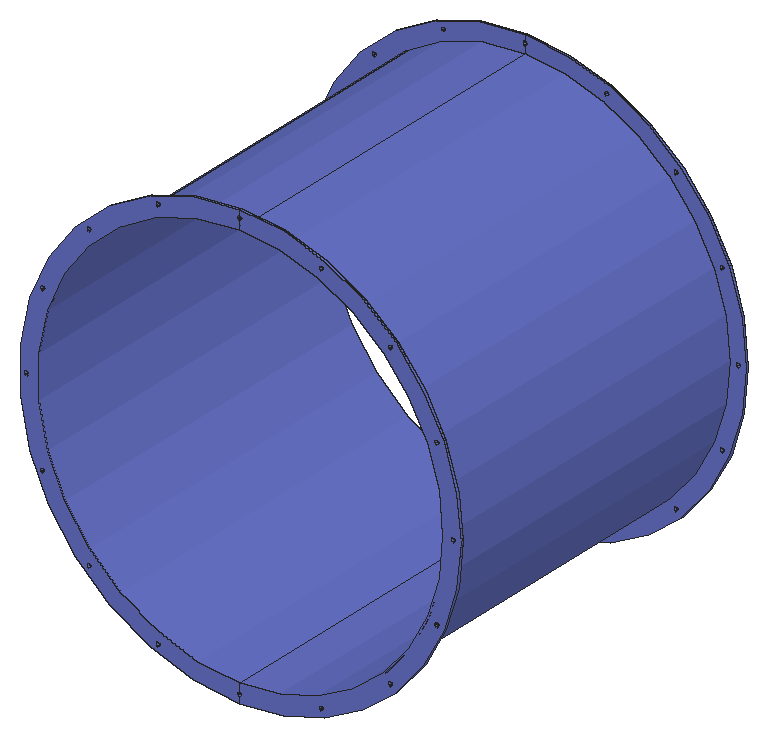
Revit family "HM", category Modelos genéricos, Revit 2017
Family settings
  Puede alojar armadura = No
  Cota de conector redondo = Diámetro de uso
  Tipo de pieza = Normal
  Se basa en plano de trabajo = No
  Siempre vertical = No
  Corte con vacíos al cargar = No
  Compartido = No
  Punto de cálculo de habitación = No
Parameters (values of type "HM 112")
  nº forats = 16
  i = 12 mm
  eForat = -E ARO  # -5 mm
  URL = "www.casals.com"
  Fabricante = "Casals Ventilación"
  Emig = 100 mm
  E ENVOL = 3 mm
  E ARO = 5 mm
  E = 1000 mm
  Dimensiones = "1234x1234x1000"
  D/2 = D / 2  # 566 mm
  D = 1132 mm
  B/2 = B / 2  # 595 mm
  B = 1190 mm
  A/2 = A / 2  # 617 mm
  A = 1234 mm
Types (14, lengths in mm): name | nº forats | i | eForat | E ENVOL | E ARO | E | Dimensiones | D/2 | D | B/2 | B | A/2 | A
  (no name) | 16 | 12 | -5 | 3 | 5 | 1000 | "1234x1234x1000" | 566 | 1132 | 595 | 1190 | 617 | 1234
  HM 30 | 8 | 10 | -1.5 | 1.5 | 1.5 | 350 | "374x374x350" | 152.5 | 305 | 177.5 | 355 | 187 | 374
  HM 35 | 8 | 10 | -1.5 | 1.5 | 1.5 | 350 | "434x434x350" | 182.5 | 365 | 197.5 | 395 | 217 | 434
  HM 40 | 8 | 10 | -1.5 | 1.5 | 1.5 | 440 | "472x472x440" | 201.5 | 403 | 225 | 450 | 236 | 472
  HM 45 | 8 | 12 | -2 | 2 | 2 | 455 | "525x525x455" | 226 | 452 | 250 | 500 | 262.5 | 525
  HM 50 | 12 | 12 | -2 | 2 | 2 | 440 | "600x600x440" | 252 | 504 | 280 | 560 | 300 | 600
  HM 56 | 12 | 12 | -2 | 2 | 2 | 560 | "646x646x560" | 279.5 | 559 | 310 | 620 | 323 | 646
  HM 63 | 12 | 12 | -2 | 2 | 2 | 550 | "725x725x550" | 316.5 | 633 | 345 | 690 | 362.5 | 725
  HM 71 | 16 | 12 | -2 | 2 | 2 | 600 | "802x802x600" | 357.5 | 715 | 385 | 770 | 401 | 802
  HM 80 | 16 | 12 | -2 | 2 | 2 | 600 | "892x892x600" | 400.5 | 801 | 430 | 860 | 446 | 892
  HM 90 | 16 | 12 | -2.5 | 2.5 | 2.5 | 820 | "1000x1000x820" | 451.75 | 903.5 | 485 | 970 | 500 | 1000
  HM 100 | 16 | 12 | -3 | 3 | 3 | 820 | "1115x1115x820" | 506.5 | 1013 | 535 | 1070 | 557.5 | 1115
  HM 112 | 16 | 12 | -5 | 3 | 5 | 1000 | "1234x1234x1000" | 566 | 1132 | 595 | 1190 | 617 | 1234
  HM 125 | 20 | 15 | -6 | 3 | 6 | 1000 | "1365x1365x1000" | 631.5 | 1263 | 660 | 1320 | 682.5 | 1365
Reference planes
  plane 1 "Centro (Frontal/Posterior)": y = 0
  plane 2: z = 0
  plane 3 "Centro (Izquierda/Derecha)": x = 0
  plane 4: z = 566
  plane 5: z = 569
  plane 6: z = 617
  plane 7: y = -500
  plane 8: y = -495
  plane 9: y = 495
  plane 10: y = 500
  plane 11: z = 595
Forms (mm)
  Revolve 1, solid, material "Cubierta por defecto"
    sketch origin (0, 0, 0) x (0, 1, 0) y (0, 0, 1)
      loop
        line (-500, 617) -> (-500, 566) -> (500, 566) -> (500, 617) -> (495, 617) -> (495, 569) -> (-495, 569) -> (-495, 617) -> (-500, 617)
      axis (-500, 0) -> (500, 0)
    angle from 0 to 360
Lines and regions (mm)
  reference lines
    curve 1: line (0, 0, 0) -> (0, 0, 660)
Dimensions and locks
  "D/2": plane 4 to level
  equal spacing: plane 7, plane 1 "Centro (Frontal/Posterior)", plane 10
  "E ARO": plane 7 to plane 8
  "E ARO": plane 9 to plane 10
  "E ENVOL": plane 5 to plane 4
  "A/2": plane 6 to level
  "E": plane 7 to plane 10
  "B/2": plane 11 to level
  aligned and locked: level to plane 2
  aligned and locked: curve 1 to plane 1 "Centro (Frontal/Posterior)"
  aligned and locked: nested 1 to plane 3 "Centro (Izquierda/Derecha)"
  aligned and locked: nested 1 to plane 2
  aligned and locked: plane 3 "Centro (Izquierda/Derecha)" to nested 9
  aligned and locked: nested 9 to plane 2
Automatic sketch dimensions
  Revolve 1 sketch curve to plane 4 = 0 mm
  Revolve 1 sketch curve to plane 7 = 0 mm
  Revolve 1 sketch curve to level = 0 mm
  Revolve 1 sketch curve to plane 6 = 0 mm  (x2)
  Revolve 1 sketch curve to plane 8 = 0 mm
  Revolve 1 sketch curve to plane 5 = 0 mm
  Revolve 1 sketch curve to plane 9 = 0 mm
  Revolve 1 sketch curve to plane 10 = 0 mm
  Revolve 1 sketch curve to plane 8 = 140 mm
  plane 10 to Revolve 1 sketch curve = 100 mm
Nested families
  nested 1: "ForatRodo" at (0, 500, 0) x (-1, 0, 0) z (0, 1, 0), Fondo <- "eForat", Distancia <- "B/2", Diam <- "i", type "ForatRodo"
    with Fondo -5 mm, Distancia 595 mm, Diam 12 mm
  nested 2: "ForatRodo" at (0, 500, 0) x (-0.9239, 0, -0.3827) z (0, 1, 0), Fondo <- "eForat", Distancia <- "B/2", Diam <- "i", type "ForatRodo"
    with Fondo -5 mm, Distancia 595 mm, Diam 12 mm
  nested 3: "ForatRodo" at (0, 500, 0) x (-0.9239, 0, 0.3827) z (0, 1, 0), Fondo <- "eForat", Distancia <- "B/2", Diam <- "i", type "ForatRodo"
    with Fondo -5 mm, Distancia 595 mm, Diam 12 mm
  nested 4: "ForatRodo" at (0, 500, 0) x (-0.7071, 0, 0.7071) z (0, 1, 0), Fondo <- "eForat", Distancia <- "B/2", Diam <- "i", type "ForatRodo"
    with Fondo -5 mm, Distancia 595 mm, Diam 12 mm
  nested 5: "ForatRodo" at (0, 500, 0) x (-0.3827, 0, 0.9239) z (0, 1, 0), Fondo <- "eForat", Distancia <- "B/2", Diam <- "i", type "ForatRodo"
    with Fondo -5 mm, Distancia 595 mm, Diam 12 mm
  nested 6: "ForatRodo" at (0, 500, 0) x (0, 0, 1) z (0, 1, 0), Fondo <- "eForat", Distancia <- "B/2", Diam <- "i", type "ForatRodo"
    with Fondo -5 mm, Distancia 595 mm, Diam 12 mm
  nested 7: "ForatRodo" at (0, 500, 0) x (0.3827, 0, 0.9239) z (0, 1, 0), Fondo <- "eForat", Distancia <- "B/2", Diam <- "i", type "ForatRodo"
    with Fondo -5 mm, Distancia 595 mm, Diam 12 mm
  nested 8: "ForatRodo" at (0, 500, 0) x (0.7071, 0, 0.7071) z (0, 1, 0), Fondo <- "eForat", Distancia <- "B/2", Diam <- "i", type "ForatRodo"
    with Fondo -5 mm, Distancia 595 mm, Diam 12 mm
  nested 9: "ForatRodo" at (0, -500, 0) x (1, 0, 0) z (0, -1, 0), Fondo <- "eForat", Distancia <- "B/2", Diam <- "i", type "ForatRodo"
    with Fondo -5 mm, Distancia 595 mm, Diam 12 mm
  nested 10: "ForatRodo" at (0, -500, 0) x (0.9239, 0, -0.3827) z (0, -1, 0), Fondo <- "eForat", Distancia <- "B/2", Diam <- "i", type "ForatRodo"
    with Fondo -5 mm, Distancia 595 mm, Diam 12 mm
  nested 11: "ForatRodo" at (0, -500, 0) x (0.9239, 0, 0.3827) z (0, -1, 0), Fondo <- "eForat", Distancia <- "B/2", Diam <- "i", type "ForatRodo"
    with Fondo -5 mm, Distancia 595 mm, Diam 12 mm
  nested 12: "ForatRodo" at (0, -500, 0) x (0.7071, 0, 0.7071) z (0, -1, 0), Fondo <- "eForat", Distancia <- "B/2", Diam <- "i", type "ForatRodo"
    with Fondo -5 mm, Distancia 595 mm, Diam 12 mm
  nested 13: "ForatRodo" at (0, -500, 0) x (0.3827, 0, 0.9239) z (0, -1, 0), Fondo <- "eForat", Distancia <- "B/2", Diam <- "i", type "ForatRodo"
    with Fondo -5 mm, Distancia 595 mm, Diam 12 mm
  nested 14: "ForatRodo" at (0, -500, 0) x (0, 0, 1) z (0, -1, 0), Fondo <- "eForat", Distancia <- "B/2", Diam <- "i", type "ForatRodo"
    with Fondo -5 mm, Distancia 595 mm, Diam 12 mm
  nested 15: "ForatRodo" at (0, -500, 0) x (-0.3827, 0, 0.9239) z (0, -1, 0), Fondo <- "eForat", Distancia <- "B/2", Diam <- "i", type "ForatRodo"
    with Fondo -5 mm, Distancia 595 mm, Diam 12 mm
  nested 16: "ForatRodo" at (0, -500, 0) x (-0.7071, 0, 0.7071) z (0, -1, 0), Fondo <- "eForat", Distancia <- "B/2", Diam <- "i", type "ForatRodo"
    with Fondo -5 mm, Distancia 595 mm, Diam 12 mm
  nested 17: "ForatRodo" at (0, 500, 0) x (0.9239, 0, 0.3827) z (0, 1, 0), Fondo <- "eForat", Distancia <- "B/2", Diam <- "i", type "ForatRodo"
    with Fondo -5 mm, Distancia 595 mm, Diam 12 mm
  nested 18: "ForatRodo" at (0, 500, 0) x (1, 0, 0) z (0, 1, 0), Fondo <- "eForat", Distancia <- "B/2", Diam <- "i", type "ForatRodo"
    with Fondo -5 mm, Distancia 595 mm, Diam 12 mm
  nested 19: "ForatRodo" at (0, 500, 0) x (0.9239, 0, -0.3827) z (0, 1, 0), Fondo <- "eForat", Distancia <- "B/2", Diam <- "i", type "ForatRodo"
    with Fondo -5 mm, Distancia 595 mm, Diam 12 mm
  nested 20: "ForatRodo" at (0, 500, 0) x (0.7071, 0, -0.7071) z (0, 1, 0), Fondo <- "eForat", Distancia <- "B/2", Diam <- "i", type "ForatRodo"
    with Fondo -5 mm, Distancia 595 mm, Diam 12 mm
  nested 21: "ForatRodo" at (0, -500, 0) x (-0.9239, 0, 0.3827) z (0, -1, 0), Fondo <- "eForat", Distancia <- "B/2", Diam <- "i", type "ForatRodo"
    with Fondo -5 mm, Distancia 595 mm, Diam 12 mm
  nested 22: "ForatRodo" at (0, -500, 0) x (-1, 0, 0) z (0, -1, 0), Fondo <- "eForat", Distancia <- "B/2", Diam <- "i", type "ForatRodo"
    with Fondo -5 mm, Distancia 595 mm, Diam 12 mm
  nested 23: "ForatRodo" at (0, -500, 0) x (-0.9239, 0, -0.3827) z (0, -1, 0), Fondo <- "eForat", Distancia <- "B/2", Diam <- "i", type "ForatRodo"
    with Fondo -5 mm, Distancia 595 mm, Diam 12 mm
  nested 24: "ForatRodo" at (0, -500, 0) x (-0.7071, 0, -0.7071) z (0, -1, 0), Fondo <- "eForat", Distancia <- "B/2", Diam <- "i", type "ForatRodo"
    with Fondo -5 mm, Distancia 595 mm, Diam 12 mm
  nested 25: "ForatRodo" at (0, 500, 0) x (0.3827, 0, -0.9239) z (0, 1, 0), Fondo <- "eForat", Distancia <- "B/2", Diam <- "i", type "ForatRodo"
    with Fondo -5 mm, Distancia 595 mm, Diam 12 mm
  nested 26: "ForatRodo" at (0, 500, 0) x (0, 0, -1) z (0, 1, 0), Fondo <- "eForat", Distancia <- "B/2", Diam <- "i", type "ForatRodo"
    with Fondo -5 mm, Distancia 595 mm, Diam 12 mm
  nested 27: "ForatRodo" at (0, 500, 0) x (-0.3827, 0, -0.9239) z (0, 1, 0), Fondo <- "eForat", Distancia <- "B/2", Diam <- "i", type "ForatRodo"
    with Fondo -5 mm, Distancia 595 mm, Diam 12 mm
  nested 28: "ForatRodo" at (0, 500, 0) x (-0.7071, 0, -0.7071) z (0, 1, 0), Fondo <- "eForat", Distancia <- "B/2", Diam <- "i", type "ForatRodo"
    with Fondo -5 mm, Distancia 595 mm, Diam 12 mm
  nested 29: "ForatRodo" at (0, -500, 0) x (-0.3827, 0, -0.9239) z (0, -1, 0), Fondo <- "eForat", Distancia <- "B/2", Diam <- "i", type "ForatRodo"
    with Fondo -5 mm, Distancia 595 mm, Diam 12 mm
  nested 30: "ForatRodo" at (0, -500, 0) x (0, 0, -1) z (0, -1, 0), Fondo <- "eForat", Distancia <- "B/2", Diam <- "i", type "ForatRodo"
    with Fondo -5 mm, Distancia 595 mm, Diam 12 mm
  nested 31: "ForatRodo" at (0, -500, 0) x (0.3827, 0, -0.9239) z (0, -1, 0), Fondo <- "eForat", Distancia <- "B/2", Diam <- "i", type "ForatRodo"
    with Fondo -5 mm, Distancia 595 mm, Diam 12 mm
  nested 32: "ForatRodo" at (0, -500, 0) x (0.7071, 0, -0.7071) z (0, -1, 0), Fondo <- "eForat", Distancia <- "B/2", Diam <- "i", type "ForatRodo"
    with Fondo -5 mm, Distancia 595 mm, Diam 12 mm
Connectors
  hvac at (0, -500, 0), driven by "D"
    settings: on Revolve 1, index 1, duct flow 0.0 L/s, flow factor 0, pres drop 0.0 Pa, loss coef 0, conn angle 0.00°, conn width 304.8 mm, conn height 304.8 mm, conn diameter 1132 mm, duct sys type 3, conn prof type 0, flow config 0, flow direction 1, loss method 0, conn ref index -1, conn util no, is conn primary yes, conn desc ""
  hvac at (1.2, 500, 0), driven by "D"
    settings: on Revolve 1, index 2, duct flow 0.0 L/s, flow factor 0, pres drop 0.0 Pa, loss coef 0, conn angle 0.00°, conn width 304.8 mm, conn height 304.8 mm, conn diameter 1132 mm, duct sys type 3, conn prof type 0, flow config 0, flow direction 2, loss method 0, conn ref index -1, conn util no, is conn primary no, conn desc ""
